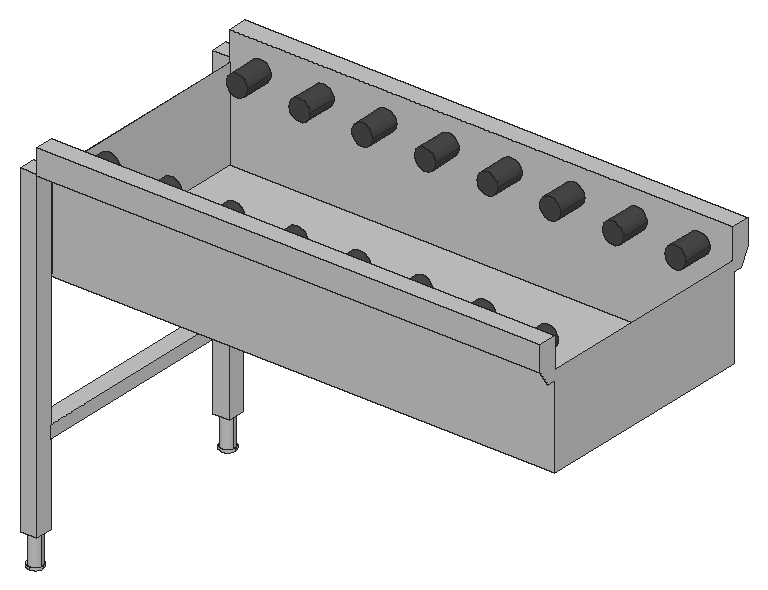
Revit family "QF_ELECTROLUXPROFESSIONAL_863067_HSSRDB12", category Specialty Equipment, Revit 2018
Family settings
  Round Connector Dimension = Use Diameter
  Part Type = Normal
  Work Plane-Based = No
  Always vertical = Yes
  Cut with Voids When Loaded = No
  Shared = No
  Room Calculation Point = No
Parameters
  Weight = 0.00 kg
  Watts = 0 W
  Volts = 0 V
  URL Manufacturer = "http://professional.electrolux.com/"
  URL = "http://professional.electrolux.com/"
  Steam Supply Size = 0 mm
  Steam Supply Minimum Pressure = 0.0 Pa
  Steam Supply Maximum Pressure = 0.0 Pa
  Steam Pounds per Hour = 0
  Refrigeration Suction Line Size = 0 mm
  Refrigeration Liquid Line Size = 0 mm
  Refrigerant Compressor Remote = yes
  Manufacturer = "Electrolux"
  Phase = 0
  Model = "HSSRDB12"
  Length Actual = 1200 mm  # constant formula
  Item Number = "863067"
  Hot Water Size = 0 mm
  Height Actual = 910 mm  # constant formula
  HP = "0 HP"
  Gas Size = 0 mm
  Gas KW = 0
  Gas Input Pressure = 0 W
  Description = "SHORT ROLLER CONVEYOR WITH DEEP BASIN,  L=1200 MM"
  Depth Actual = 620 mm  # constant formula
  Cycle = 0 Hz
  Condensate Return Size = 0 mm
  Compressed Air Volume = 0.0 L/s
  Compressed Air Size = 0 mm
  Compressed Air Pressure = 0.0 Pa
  Cold Water Size = 0 mm
  Accessory = yes
Reference planes
  plane 1 "Centro (Fronte/Retro)": y = 74.737
  plane 2: z = 0
  plane 3 "LEFT": x = -1038.761
  plane 4 "BACK": y = 384.737
  plane 5 "FRONT": y = -235.263
  plane 6: z = 910
  plane 7 "RIGHT": x = 161.239
  plane 8: x = -438.761
Forms (mm)
  Extrusion 1, solid, material "QF_Finishes_Stainless Steel"
    sketch origin (0, 74.737, 0) x (1, 0, 0) y (0, 0, 1)
      loop
        line (-1079.929, 300) -> (-1079.929, 270) -> (-1039.929, 270) -> (-1039.929, 300) -> (-1079.929, 300)
    from -266.504 to 266.46
  Extrusion 2, solid, material "QF_Finishes_Stainless Steel"
    sketch origin (11.239, 0, 0) x (0, 1, 0) y (0, 0, 1)
      loop
        line (-235.263, 910) -> (-235.263, 850.033) -> (-190.242, 850.033) -> (-190.242, 910) -> (-235.263, 910)
      loop
        line (384.737, 910) -> (339.716, 910) -> (339.716, 850.033) -> (384.737, 850.033) -> (384.737, 910)
    from -1048.8 to 148.8
  Extrusion 3, solid, material "QF_Finishes_Stainless Steel"
    sketch origin (11.239, 0, 0) x (0, 1, 0) y (0, 0, 1)
      loop
        line (-191.727, 850.033) -> (-191.727, 618.033) -> (341.245, 618.033) -> (341.245, 850.033) -> (339.716, 850.033) -> (339.716, 621.033) -> (-190.242, 621.033) -> (-190.242, 850.033) -> (-191.727, 850.033)
    from -1048.8 to 148.8
  Extrusion 4, solid, material "QF_Finishes_Stainless Steel"
    sketch origin (1461.239, 723.253, 4000) x (0, 1, 0) y (0, 0, 1)
      loop
        line (-958.516, -3090) -> (-958.516, -3149.967) -> (-934.752, -3185.632) -> (-914.981, -3185.632) -> (-914.981, -3381.967) -> (-382.009, -3381.967) -> (-382.009, -3185.632) -> (-362.281, -3185.632) -> (-338.516, -3149.967) -> (-338.516, -3090) -> (-383.538, -3090) -> (-383.538, -3161.926) -> (-913.495, -3161.926) -> (-913.495, -3090) -> (-958.516, -3090)
    from -1300 to -1301.2
  Revolve 5, solid, material "QF_Finishes_Stainless Steel"
    sketch origin (-438.761, 0, 0) x (0, 1, 0) y (0, 0, 1)
      loop
        line (74.737, 618.033) -> (-1.756, 618.033) -> (-1.756, 601.823) -> (0.354, 601.823)
        arc (0.354, 601.823) -> (3.64, 597.973) -> (0.351, 594.125) r 3.897
        line (0.351, 594.125) -> (-1.756, 594.125) -> (-1.756, 551.31)
        arc (-1.756, 551.31) -> (8.91, 520.632) -> (36.296, 503.17) r 49.497
        line (36.296, 503.17) -> (36.296, 500.684) -> (37.487, 497.398) -> (51.25, 491.407) -> (51.25, 455.535) -> (52.727, 454.059) -> (74.737, 454.059) -> (74.737, 618.033)
      axis (74.737, 454.059) -> (74.737, 618.033)
    angle from 0 to 360
  Extrusion 6, solid, material "QF_Finishes_Stainless Steel"
    sketch origin (-537.561, 723.253, 4000) x (0, 1, 0) y (0, 0, 1)
      loop
        line (-958.516, -3090) -> (-958.516, -3149.967) -> (-914.981, -3149.967) -> (-914.981, -3381.967) -> (-382.009, -3381.967) -> (-382.009, -3149.967) -> (-338.516, -3149.967) -> (-338.516, -3090) -> (-383.538, -3090) -> (-383.538, -3161.926) -> (-913.495, -3161.926) -> (-913.495, -3090) -> (-958.516, -3090)
    from -500 to -501.2
  Extrusion 7, solid, material "QF_Finishes_Black"
    sketch origin (0, 74.737, 0) x (1, 0, 0) y (0, 0, 1)
      loop
        circle (-961.28, 850.115) r 25
      loop
        circle (-811.989, 850.115) r 25
      loop
        circle (-214.824, 850.115) r 25
      loop
        circle (-65.533, 850.115) r 25
      loop
        circle (83.758, 850.115) r 25
      loop
        circle (-364.115, 850.115) r 25
      loop
        circle (-662.698, 850.115) r 25
      loop
        circle (-513.407, 850.115) r 25
    from 190.58 to 260.534
  Extrusion 8, solid, material "QF_Finishes_Black"
    sketch origin (0, 74.737, 0) x (1, 0, 0) y (0, 0, -1)
      loop
        circle (-961.28, -850.115) r 25
      loop
        circle (-811.989, -850.115) r 25
      loop
        circle (-214.824, -850.115) r 25
      loop
        circle (-65.533, -850.115) r 25
      loop
        circle (83.758, -850.115) r 25
      loop
        circle (-364.115, -850.115) r 25
      loop
        circle (-662.698, -850.115) r 25
      loop
        circle (-513.407, -850.115) r 25
    from 190.58 to 260.534
Cuts and joins
  joined: Extrusion 2, Extrusion 3, Extrusion 4, Revolve 5, Extrusion 6
Lines and regions (mm)
  Split face 1
    outline origin (608.239, 339.716, 621.033) x (-1, 0, 0) y (0, -1, 0)
      loop
        circle (1047, 264.904) r 3.016
  Split face 2
    outline origin (608.239, 339.716, 621.033) x (-1, 0, 0) y (0, -1, 0)
      loop
        circle (1047, 264.904) r 52.991
  Split face 3
    outline origin (608.239, 339.716, 621.033) x (-1, 0, 0) y (0, -1, 0)
      loop
        circle (1047, 264.904) r 36.015
  Split face 4
    outline origin (608.239, 339.716, 621.033) x (-1, 0, 0) y (0, -1, 0)
      loop
        circle (1047, 264.904) r 26.027
  Split face 5
    outline origin (608.239, 339.716, 621.033) x (-1, 0, 0) y (0, -1, 0)
      loop
        circle (1047, 264.904) r 9.056
  Masking region 1
    outline origin (0, 0, 0) x (1, 0, 0) y (0, 1, 0)
      loop
        line (-1038.761, 384.737) -> (-1038.761, -235.263) -> (161.239, -235.263) -> (161.239, 384.737) -> (-1038.761, 384.737)
  symbolic lines
    curve 1: line (161.239, 384.737, 0) -> (-1038.761, 384.737, 0)
    curve 2: line (-1038.761, 384.737, 0) -> (-1038.761, -235.263, 0)
    curve 3: line (-1038.761, 339.716, 0) -> (161.239, 339.716, 0)
    curve 4: line (-1038.761, -235.263, 0) -> (161.239, -235.263, 0)
    curve 5: line (161.239, -235.263, 0) -> (161.239, 384.737, 0)
    curve 6: line (161.239, -190.242, 0) -> (-1038.761, -190.242, 0)
    curve 7: line (-936.28, -185.797, 0) -> (-986.28, -185.797, 0)
    curve 8: line (-986.28, -185.797, 0) -> (-986.28, -115.842, 0)
    curve 9: line (-986.28, -115.842, 0) -> (-936.28, -115.842, 0)
    curve 10: line (-936.28, -115.842, 0) -> (-936.28, -185.797, 0)
    curve 11: line (-786.989, -185.797, 0) -> (-836.989, -185.797, 0)
    curve 12: line (-836.989, -185.797, 0) -> (-836.989, -115.842, 0)
    curve 13: line (-836.989, -115.842, 0) -> (-786.989, -115.842, 0)
    curve 14: line (-786.989, -115.842, 0) -> (-786.989, -185.797, 0)
    curve 15: line (-637.698, -185.797, 0) -> (-687.698, -185.797, 0)
    curve 16: line (-687.698, -185.797, 0) -> (-687.698, -115.842, 0)
    curve 17: line (-687.698, -115.842, 0) -> (-637.698, -115.842, 0)
    curve 18: line (-637.698, -115.842, 0) -> (-637.698, -185.797, 0)
    curve 19: line (-339.115, -185.797, 0) -> (-389.115, -185.797, 0)
    curve 20: line (-389.115, -185.797, 0) -> (-389.115, -115.842, 0)
    curve 21: line (-389.115, -115.842, 0) -> (-339.115, -115.842, 0)
    curve 22: line (-339.115, -115.842, 0) -> (-339.115, -185.797, 0)
    curve 23: line (161.239, 74.737, 0) -> (131.239, 74.737, 0)
    curve 24: line (-1038.761, 74.737, 0) -> (-1008.761, 74.737, 0)
    curve 25: arc (-438.761, 151.231, 0) -> (-362.267, 74.737, 0) -> (-438.761, -1.756, 0) r 76.494
    curve 26: arc (-438.761, -1.756, 0) -> (-515.254, 74.737, 0) -> (-438.761, 151.231, 0) r 76.494
    curve 27: arc (-438.761, 96.747, 0) -> (-460.771, 74.737, 0) -> (-438.761, 52.727, 0) r 22.01
    curve 28: arc (-438.761, 52.727, 0) -> (-416.751, 74.737, 0) -> (-438.761, 96.747, 0) r 22.01
    curve 29: line (-488.407, -185.797, 0) -> (-538.407, -185.797, 0)
    curve 30: line (-538.407, -185.797, 0) -> (-538.407, -115.842, 0)
    curve 31: line (-538.407, -115.842, 0) -> (-488.407, -115.842, 0)
    curve 32: line (-488.407, -115.842, 0) -> (-488.407, -185.797, 0)
    curve 33: line (-189.824, -185.797, 0) -> (-239.824, -185.797, 0)
    curve 34: line (-239.824, -185.797, 0) -> (-239.824, -115.842, 0)
    curve 35: line (-239.824, -115.842, 0) -> (-189.824, -115.842, 0)
    curve 36: line (-189.824, -115.842, 0) -> (-189.824, -185.797, 0)
    curve 37: line (-40.533, -185.797, 0) -> (-90.533, -185.797, 0)
    curve 38: line (-90.533, -185.797, 0) -> (-90.533, -115.842, 0)
    curve 39: line (-90.533, -115.842, 0) -> (-40.533, -115.842, 0)
    curve 40: line (-40.533, -115.842, 0) -> (-40.533, -185.797, 0)
    curve 41: line (108.758, -185.797, 0) -> (58.758, -185.797, 0)
    curve 42: line (58.758, -185.797, 0) -> (58.758, -115.842, 0)
    curve 43: line (58.758, -115.842, 0) -> (108.758, -115.842, 0)
    curve 44: line (108.758, -115.842, 0) -> (108.758, -185.797, 0)
    curve 45: line (-936.28, 335.271, 0) -> (-986.28, 335.271, 0)
    curve 46: line (-986.28, 335.271, 0) -> (-986.28, 265.317, 0)
    curve 47: line (-986.28, 265.317, 0) -> (-936.28, 265.317, 0)
    curve 48: line (-936.28, 265.317, 0) -> (-936.28, 335.271, 0)
    curve 49: line (-786.989, 335.271, 0) -> (-836.989, 335.271, 0)
    curve 50: line (-836.989, 335.271, 0) -> (-836.989, 265.317, 0)
    curve 51: line (-836.989, 265.317, 0) -> (-786.989, 265.317, 0)
    curve 52: line (-786.989, 265.317, 0) -> (-786.989, 335.271, 0)
    curve 53: line (-637.698, 335.271, 0) -> (-687.698, 335.271, 0)
    curve 54: line (-687.698, 335.271, 0) -> (-687.698, 265.317, 0)
    curve 55: line (-687.698, 265.317, 0) -> (-637.698, 265.317, 0)
    curve 56: line (-637.698, 265.317, 0) -> (-637.698, 335.271, 0)
    curve 57: line (-339.115, 335.271, 0) -> (-389.115, 335.271, 0)
    curve 58: line (-389.115, 335.271, 0) -> (-389.115, 265.317, 0)
    curve 59: line (-389.115, 265.317, 0) -> (-339.115, 265.317, 0)
    curve 60: line (-339.115, 265.317, 0) -> (-339.115, 335.271, 0)
    curve 61: line (-488.407, 335.271, 0) -> (-538.407, 335.271, 0)
    curve 62: line (-538.407, 335.271, 0) -> (-538.407, 265.317, 0)
    curve 63: line (-538.407, 265.317, 0) -> (-488.407, 265.317, 0)
    curve 64: line (-488.407, 265.317, 0) -> (-488.407, 335.271, 0)
    curve 65: line (-189.824, 335.271, 0) -> (-239.824, 335.271, 0)
    curve 66: line (-239.824, 335.271, 0) -> (-239.824, 265.317, 0)
    curve 67: line (-239.824, 265.317, 0) -> (-189.824, 265.317, 0)
    curve 68: line (-189.824, 265.317, 0) -> (-189.824, 335.271, 0)
    curve 69: line (-40.533, 335.271, 0) -> (-90.533, 335.271, 0)
    curve 70: line (-90.533, 335.271, 0) -> (-90.533, 265.317, 0)
    curve 71: line (-90.533, 265.317, 0) -> (-40.533, 265.317, 0)
    curve 72: line (-40.533, 265.317, 0) -> (-40.533, 335.271, 0)
    curve 73: line (108.758, 335.271, 0) -> (58.758, 335.271, 0)
    curve 74: line (58.758, 335.271, 0) -> (58.758, 265.317, 0)
    curve 75: line (58.758, 265.317, 0) -> (108.758, 265.317, 0)
    curve 76: line (108.758, 265.317, 0) -> (108.758, 335.271, 0)
Dimensions and locks
  plane 3 "LEFT" to plane 7 "RIGHT" = 1200 mm
  equal spacing: plane 4 "BACK", plane 1 "Centro (Fronte/Retro)", plane 5 "FRONT"
  plane 4 "BACK" to plane 5 "FRONT" = 620 mm
  equal spacing: plane 3 "LEFT", plane 8, plane 7 "RIGHT"
  locked: Extrusion 7 sketch curve to plane 3 "LEFT" at 77.481
  locked: plane 7 "RIGHT" to Extrusion 7 sketch curve at 77.481
  equal spacing: Extrusion 7 sketch curve, Extrusion 7 sketch curve, Extrusion 7 sketch curve, Extrusion 7 sketch curve, Extrusion 7 sketch curve, Extrusion 7 sketch curve, Extrusion 7 sketch curve, Extrusion 7 sketch curve
  equal spacing: Extrusion 8 sketch curve, Extrusion 8 sketch curve, Extrusion 8 sketch curve, Extrusion 8 sketch curve, Extrusion 8 sketch curve, Extrusion 8 sketch curve, Extrusion 8 sketch curve, Extrusion 8 sketch curve
  aligned and locked: level to plane 2
  aligned and locked: plane 8 to cut or joined group of Extrusion 2, Extrusion 3, Extrusion 4, Revolve 5, Extrusion 6
Automatic sketch dimensions
  curve 25 to curve 26 = 0 mm  (x2)
  curve 25 to curve 27 = 0 mm  (x2)
  curve 25 to curve 28 = 0 mm  (x2)
  curve 26 to curve 27 = 0 mm  (x2)
  curve 26 to curve 28 = 0 mm  (x2)
  curve 27 to curve 28 = 0 mm  (x2)
  curve 1 to plane 3 "LEFT" = 0 mm
  plane 1 "Centro (Fronte/Retro)" to curve 24 = 0 mm
  curve 27 to plane 8 = 0 mm
  plane 1 "Centro (Fronte/Retro)" to curve 23 = 0 mm
  curve 6 to plane 7 "RIGHT" = 0 mm
  curve 4 to plane 5 "FRONT" = 0 mm
  plane 1 "Centro (Fronte/Retro)" to curve 25 = 0 mm
  curve 2 to plane 4 "BACK" = 0 mm
  plane 3 "LEFT" to curve 47 = 52.481 mm
  plane 3 "LEFT" to curve 9 = 52.481 mm
  curve 8 to curve 9 = 50 mm
  curve 46 to curve 48 = 50 mm
  curve 9 to curve 12 = 99.291 mm
  curve 47 to curve 50 = 99.291 mm
  curve 11 to curve 11 = 50 mm
  curve 49 to curve 49 = 50 mm
  curve 51 to curve 55 = 99.291 mm
  plane 5 "FRONT" to curve 16 = 49.466 mm
  curve 11 to curve 16 = 99.291 mm
  curve 15 to curve 18 = 50 mm
  curve 54 to curve 56 = 50 mm
  curve 62 to plane 4 "BACK" = 49.466 mm
  curve 53 to curve 62 = 99.291 mm
  plane 5 "FRONT" to curve 30 = 49.466 mm
  curve 15 to curve 30 = 99.291 mm
  plane 8 to curve 61 = 49.646 mm
  plane 8 to curve 31 = 49.646 mm
  curve 58 to plane 8 = 49.646 mm
  curve 19 to plane 8 = 49.646 mm
  curve 19 to curve 19 = 50 mm
  curve 57 to curve 57 = 50 mm
  curve 21 to curve 34 = 99.291 mm
  curve 65 to plane 4 "BACK" = 49.466 mm
  curve 57 to curve 65 = 99.291 mm
  curve 33 to curve 33 = 50 mm
  curve 66 to curve 68 = 50 mm
  plane 5 "FRONT" to curve 37 = 49.466 mm
  curve 33 to curve 37 = 99.291 mm
  curve 69 to plane 4 "BACK" = 49.466 mm
  curve 65 to curve 69 = 99.291 mm
  curve 37 to curve 37 = 50 mm
  curve 70 to curve 72 = 50 mm
  curve 39 to curve 43 = 99.291 mm
  curve 71 to curve 74 = 99.291 mm
  curve 73 to curve 76 = 50 mm
  curve 41 to curve 41 = 50 mm
  plane 5 "FRONT" to curve 33 = 49.466 mm
  plane 5 "FRONT" to curve 44 = 49.466 mm
  plane 5 "FRONT" to curve 7 = 49.466 mm
  plane 5 "FRONT" to curve 11 = 49.466 mm
  plane 5 "FRONT" to curve 22 = 49.466 mm
  curve 15 to curve 17 = 69.954 mm
  curve 19 to curve 20 = 69.954 mm
  curve 11 to curve 14 = 69.954 mm
  curve 37 to curve 40 = 69.954 mm
  curve 7 to curve 10 = 69.954 mm
  curve 33 to curve 36 = 69.954 mm
  curve 41 to curve 42 = 69.954 mm
  curve 29 to curve 30 = 69.954 mm
  curve 71 to curve 69 = 69.954 mm
  curve 71 to curve 74 = 0 mm
  curve 68 to curve 65 = 69.954 mm
  curve 46 to plane 4 "BACK" = 119.42 mm
  curve 64 to curve 61 = 69.954 mm
  curve 47 to curve 50 = 0 mm
  curve 60 to curve 66 = 0 mm
  curve 51 to curve 54 = 0 mm
  curve 58 to plane 4 "BACK" = 49.466 mm
  curve 56 to plane 4 "BACK" = 49.466 mm
  curve 52 to plane 4 "BACK" = 49.466 mm
  curve 48 to plane 4 "BACK" = 49.466 mm
  curve 74 to plane 4 "BACK" = 49.466 mm
  plane 3 "LEFT" to curve 24 = 30 mm
  curve 23 to curve 23 = 30 mm
  curve 4 to curve 6 = 45.021 mm
  curve 26 to curve 25 = 76.494 mm
  curve 27 to curve 25 = 22.01 mm
  curve 3 to curve 1 = 45.021 mm
  Extrusion 1 sketch curve to plane 3 "LEFT" = 41.168 mm
  Extrusion 1 sketch curve to plane 3 "LEFT" = 1.168 mm
  level to Extrusion 1 sketch curve = 270 mm
  Extrusion 1 sketch curve to Extrusion 1 sketch curve = 30 mm
  Extrusion 2 sketch curve to plane 5 "FRONT" = 0 mm
  Extrusion 2 sketch curve to plane 6 = 0 mm  (x2)
  Extrusion 2 sketch curve to plane 4 "BACK" = 0 mm
  plane 5 "FRONT" to Extrusion 2 sketch curve = 45.021 mm
  Extrusion 2 sketch curve to plane 4 "BACK" = 45.021 mm
  Extrusion 2 sketch curve to Extrusion 2 sketch curve = 59.967 mm  (x2)
  plane 5 "FRONT" to Extrusion 3 sketch curve = 43.536 mm
  Extrusion 3 sketch curve to Extrusion 3 sketch curve = 1.486 mm
  Extrusion 3 sketch curve to plane 4 "BACK" = 45.021 mm
  Extrusion 3 sketch curve to Extrusion 3 sketch curve = 1.529 mm
  Extrusion 3 sketch curve to plane 6 = 291.967 mm
  Extrusion 3 sketch curve to Extrusion 3 sketch curve = 3 mm
  Extrusion 3 sketch curve to plane 6 = 59.967 mm  (x2)
  Extrusion 4 sketch curve to plane 5 "FRONT" = 0 mm
  Extrusion 4 sketch curve to plane 6 = 0 mm  (x2)
  Extrusion 4 sketch curve to plane 4 "BACK" = 0 mm
  plane 5 "FRONT" to Extrusion 4 sketch curve = 23.764 mm
  plane 5 "FRONT" to Extrusion 4 sketch curve = 43.536 mm
  plane 5 "FRONT" to Extrusion 4 sketch curve = 45.021 mm
  Extrusion 4 sketch curve to plane 4 "BACK" = 45.021 mm
  Extrusion 4 sketch curve to plane 4 "BACK" = 43.492 mm
  Extrusion 4 sketch curve to Extrusion 4 sketch curve = 19.728 mm
  Extrusion 4 sketch curve to Extrusion 4 sketch curve = 59.967 mm  (x2)
  Extrusion 4 sketch curve to Extrusion 4 sketch curve = 11.959 mm
  Extrusion 4 sketch curve to Extrusion 4 sketch curve = 23.706 mm  (x2)
  Extrusion 4 sketch curve to Extrusion 4 sketch curve = 196.335 mm
  Revolve 5 sketch curve to plane 1 "Centro (Fronte/Retro)" = 0 mm  (x2)
  plane 1 "Centro (Fronte/Retro)" to Revolve 5 sketch curve = 22.01 mm
  plane 1 "Centro (Fronte/Retro)" to Revolve 5 sketch curve = 23.487 mm
  plane 1 "Centro (Fronte/Retro)" to Revolve 5 sketch curve = 26.996 mm
  Revolve 5 sketch curve to Revolve 5 sketch curve = 13.764 mm
  Revolve 5 sketch curve to Revolve 5 sketch curve = 1.191 mm
  Revolve 5 sketch curve to Revolve 5 sketch curve = 47.387 mm
  Revolve 5 sketch curve to Revolve 5 sketch curve = 0.003 mm
  Revolve 5 sketch curve to Revolve 5 sketch curve = 0.608 mm
  Revolve 5 sketch curve to Revolve 5 sketch curve = 2.107 mm
  Revolve 5 sketch curve to Revolve 5 sketch curve = 2.11 mm
  level to Revolve 5 sketch curve = 454.059 mm
  Revolve 5 sketch curve to Revolve 5 sketch curve = 1.476 mm
  Revolve 5 sketch curve to Revolve 5 sketch curve = 35.872 mm
  Revolve 5 sketch curve to Revolve 5 sketch curve = 5.991 mm
  Revolve 5 sketch curve to Revolve 5 sketch curve = 3.286 mm
  Revolve 5 sketch curve to Revolve 5 sketch curve = 2.486 mm
  Revolve 5 sketch curve to Revolve 5 sketch curve = 48.139 mm
  Revolve 5 sketch curve to Revolve 5 sketch curve = 42.815 mm
  Revolve 5 sketch curve to Revolve 5 sketch curve = 3.849 mm
  Revolve 5 sketch curve to Revolve 5 sketch curve = 66.706 mm
  Revolve 5 sketch curve to Revolve 5 sketch curve = 3 mm
  Revolve 5 sketch curve to Revolve 5 sketch curve = 14.991 mm
  cut or joined group of Extrusion 2, Extrusion 3, Extrusion 4, Revolve 5, Extrusion 6 to Split face 1 sketch curve = 264.904 mm
  cut or joined group of Extrusion 2, Extrusion 3, Extrusion 4, Revolve 5, Extrusion 6 to Split face 1 sketch curve = 598.8 mm
  cut or joined group of Extrusion 2, Extrusion 3, Extrusion 4, Revolve 5, Extrusion 6 to Split face 2 sketch curve = 264.904 mm
  cut or joined group of Extrusion 2, Extrusion 3, Extrusion 4, Revolve 5, Extrusion 6 to Split face 2 sketch curve = 598.8 mm
  cut or joined group of Extrusion 2, Extrusion 3, Extrusion 4, Revolve 5, Extrusion 6 to Split face 3 sketch curve = 264.904 mm
  cut or joined group of Extrusion 2, Extrusion 3, Extrusion 4, Revolve 5, Extrusion 6 to Split face 3 sketch curve = 598.8 mm
  cut or joined group of Extrusion 2, Extrusion 3, Extrusion 4, Revolve 5, Extrusion 6 to Split face 4 sketch curve = 264.904 mm
  cut or joined group of Extrusion 2, Extrusion 3, Extrusion 4, Revolve 5, Extrusion 6 to Split face 4 sketch curve = 598.8 mm
  cut or joined group of Extrusion 2, Extrusion 3, Extrusion 4, Revolve 5, Extrusion 6 to Split face 5 sketch curve = 264.904 mm
  cut or joined group of Extrusion 2, Extrusion 3, Extrusion 4, Revolve 5, Extrusion 6 to Split face 5 sketch curve = 598.8 mm
  Masking region 1 sketch curve to plane 3 "LEFT" = 0 mm
  Masking region 1 sketch curve to plane 5 "FRONT" = 0 mm
  Masking region 1 sketch curve to plane 7 "RIGHT" = 0 mm
  Masking region 1 sketch curve to plane 4 "BACK" = 0 mm
  Extrusion 6 sketch curve to plane 5 "FRONT" = 0 mm
  Extrusion 6 sketch curve to plane 6 = 0 mm  (x2)
  Extrusion 6 sketch curve to plane 4 "BACK" = 0 mm
  plane 5 "FRONT" to Extrusion 6 sketch curve = 43.536 mm
  plane 5 "FRONT" to Extrusion 6 sketch curve = 45.021 mm
  Extrusion 6 sketch curve to plane 4 "BACK" = 45.021 mm
  Extrusion 6 sketch curve to plane 4 "BACK" = 43.492 mm
  Extrusion 6 sketch curve to Extrusion 6 sketch curve = 59.967 mm  (x2)
  Extrusion 6 sketch curve to Extrusion 6 sketch curve = 11.959 mm
  Extrusion 6 sketch curve to Extrusion 6 sketch curve = 220.041 mm
  Extrusion 7 sketch curve to plane 6 = 59.885 mm  (x8)
  plane 3 "LEFT" to Extrusion 8 sketch curve = 77.481 mm
  Extrusion 8 sketch curve to plane 6 = 59.885 mm  (x8)
  Extrusion 8 sketch curve to Extrusion 8 sketch curve = 149.291 mm
  radius of Split face 1 sketch curve = 3.016 mm
  radius of Split face 2 sketch curve = 52.991 mm
  radius of Split face 3 sketch curve = 36.015 mm
  radius of Split face 4 sketch curve = 26.027 mm
  radius of Split face 5 sketch curve = 9.056 mm
  radius of Extrusion 7 sketch curve = 25 mm  (x8)
  radius of Extrusion 8 sketch curve = 25 mm  (x8)
Nested families
  nested 1: "Foot_40x40" at (-1059.929, 361.245, 0), type "Foot_40x40"
    with A 850.033 mm
  nested 2: "Foot_40x40" at (-1059.929, -211.771, 0), type "Foot_40x40"
    with A 850.033 mm
Connectors
  piping at (-438.761, 74.737, 454.059), diameter 30
    settings: on cut or joined group of Extrusion 2, Extrusion 3, Extrusion 4, Revolve 5, Extrusion 6, index 1, connector inside diameter 609.6 mm, connector length 0 mm, flow factor 0, pipe flow 0.0 L/s, pressure drop 0.0 Pa, fitting loss kfactor 0, connector angle 0.00°, fixture units 0, engagement length 0 mm, angle of deflection 0.00°, flow configuration 1, flow direction 2, fitting loss method 0, system type 16, joint type 0, gender type 0, connector reference index -1, connector utility 0, adjustable connector no, is connector primary yes, connector description "Drain"
Definition of nested family "Foot_40x40"
  Parameters
    A [instance] = 850 mm
  Reference planes
    plane 1 "Centro (Fronte/Retro)": y = 0
    plane 2: z = 0
    plane 3 "Centro (Sinistra/Destra)": x = 0
    plane 4: z = 850
  Forms (mm)
    Extrusion 1, solid
      sketch origin (0, 0, 0) x (1, 0, 0) y (0, 1, 0)
        loop
          circle (0, 0) r 18
      from 0 to 5
    Extrusion 2, solid
      sketch origin (0, 0, 5) x (1, 0, 0) y (0, 1, 0)
        loop
          circle (0, 0) r 15
      from 0 to 70
    Extrusion 3, solid
      sketch origin (0, 0, 75) x (1, 0, 0) y (0, 1, 0)
        loop
          line (-20, 20) -> (-20, -20) -> (20, -20) -> (20, 20) -> (-20, 20)
      from 0 to 775
  Dimensions and locks
    "A": plane 4 to plane 2
    aligned and locked: level to plane 2
    aligned and locked: plane 4 to Extrusion 3
    aligned and locked: Extrusion 1 to level
  Automatic sketch dimensions
    plane 1 "Centro (Fronte/Retro)" to Extrusion 1 sketch curve = 0 mm
    Extrusion 1 sketch curve to plane 3 "Centro (Sinistra/Destra)" = 0 mm
    Extrusion 3 sketch curve to Extrusion 3 sketch curve = 40 mm  (x2)
    radius of Extrusion 1 sketch curve = 18 mm
    radius of Extrusion 2 sketch curve to Extrusion 1 = 3 mm
